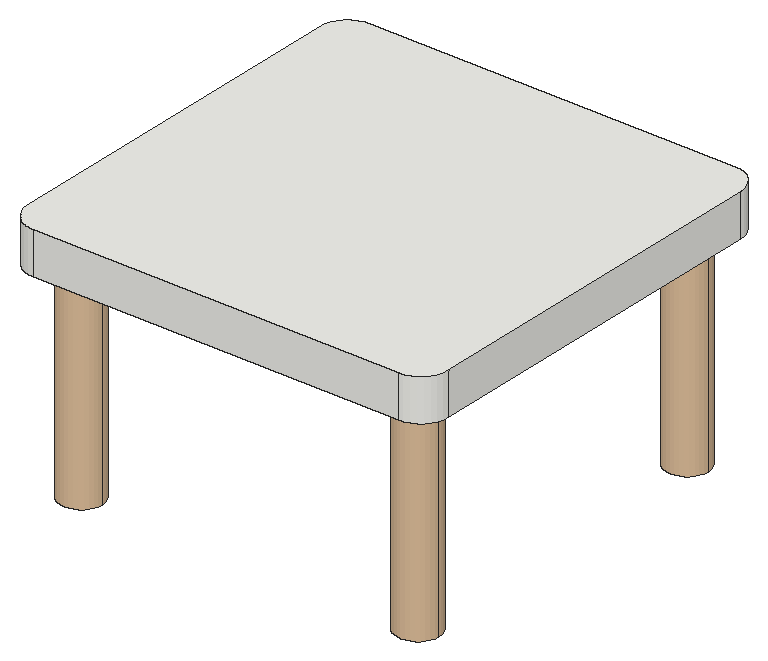
Revit family "Стульчик", category Furniture, Revit 2022
Family settings
  OmniClass Number = 23.40.20.14.17
  OmniClass Title = Residential Tables and Cabinets
  Work Plane-Based = No
  Always vertical = Yes
  Cut with Voids When Loaded = No
  Render Appearance Source = Family Geometry
  Shared = Yes
  Room Calculation Point = No
Parameters (values of type "0762 x 0762mm")
  Default Elevation = 0.00 mm
  Base Material = Wood - Birch
  Height = 457.00 mm
  Length = 762.00 mm
  Top Material = Laminate - Ivory, Matte
  Width = 762.00 mm
Types (4, lengths in mm): name | Height | Length | Width
  (no name) | 457.00 | 762.00 | 762.00
  0610 x 0160mm | 762.00 | 610.00 | 610.00
  0762 x 0762mm | 457.00 | 762.00 | 762.00
  0610 x 0915mm | 762.00 | 610.00 | 915.00
Reference planes
  plane 1: y = 152.4
  plane 2: z = 0
  plane 3 "Left": x = 3.734
  plane 4 "Right": x = 765.734
  plane 5 "Back": y = 533.4
  plane 6 "Front": y = -228.6
  plane 7: x = 384.734
Forms (mm)
  Extrusion 1, solid, material "Laminate - Ivory, Matte" <- "Top Material"
    sketch origin (0, 0, 0) x (1, 0, 0) y (0, 1, 0)
      loop
        line (54.534, -228.6) -> (714.934, -228.6)
        arc (714.934, -228.6) -> (750.855, -213.721) -> (765.734, -177.8) r 50.8
        line (765.734, -177.8) -> (765.734, 482.6)
        arc (765.734, 482.6) -> (750.855, 518.521) -> (714.934, 533.4) r 50.8
        line (714.934, 533.4) -> (54.534, 533.4)
        arc (54.534, 533.4) -> (18.613, 518.521) -> (3.734, 482.6) r 50.8
        line (3.734, 482.6) -> (3.734, -177.8)
        arc (3.734, -177.8) -> (18.613, -213.721) -> (54.534, -228.6) r 50.8
    from 380.8 to 457
  Extrusion 2, solid, material "Wood - Birch" <- "Base Material"
    sketch origin (0, 0, 0) x (1, 0, 0) y (0, 1, 0)
      loop
        circle (79.934, 457.2) r 38.1
      loop
        circle (79.934, -152.4) r 38.1
      loop
        circle (689.534, -152.4) r 38.1
      loop
        circle (689.534, 457.2) r 38.1
    from 0 to 380.8
Lines and regions (mm)
  Masking region 1
    outline origin (0, 0, 0) x (1, 0, 0) y (0, 1, 0)
      loop
        arc (54.534, 533.4) -> (18.613, 518.521) -> (3.734, 482.6) r 50.8
        line (3.734, 482.6) -> (3.734, -177.8)
        arc (3.734, -177.8) -> (18.613, -213.721) -> (54.534, -228.6) r 50.8
        line (54.534, -228.6) -> (714.934, -228.6)
        arc (714.934, -228.6) -> (750.855, -213.721) -> (765.734, -177.8) r 50.8
        line (765.734, -177.8) -> (765.734, 482.6)
        arc (765.734, 482.6) -> (750.855, 518.521) -> (714.934, 533.4) r 50.8
        line (714.934, 533.4) -> (54.534, 533.4)
Dimensions and locks
  locked: Extrusion 1 to Extrusion 1 at 76.2
  "Height": Extrusion 1 to plane 2
  locked: Extrusion 1 to Extrusion 2 sketch curve at 76.2  (x8)
  "Width": plane 5 "Back" to plane 6 "Front"
  "Length": plane 3 "Left" to plane 4 "Right"
  equal spacing: plane 5 "Back", plane 1, plane 6 "Front"
  equal spacing: plane 3 "Left", plane 7, plane 4 "Right"
  radius of Extrusion 1 sketch curve = 50.80 mm  (x4)
  aligned and locked: plane 2 to level
  aligned and locked: plane 6 "Front" to Extrusion 1 sketch curve
  aligned and locked: Extrusion 2 to Extrusion 1
  aligned and locked: Masking region 1 sketch curve to plane 5 "Back"
  aligned and locked: plane 3 "Left" to Masking region 1 sketch curve
  aligned and locked: plane 4 "Right" to Masking region 1 sketch curve
  aligned and locked: Masking region 1 sketch curve to plane 6 "Front"
  aligned: Masking region 1 sketch curve to Extrusion 1
Automatic sketch dimensions
  Extrusion 2 sketch curve to Extrusion 2 sketch curve = 38.10 mm  (x4)
  Extrusion 1 sketch curve to plane 3 "Left" = 0.00 mm
  Extrusion 1 sketch curve to plane 4 "Right" = 0.00 mm
  Extrusion 1 sketch curve to plane 5 "Back" = 0.00 mm
  plane 3 "Left" to Masking region 1 sketch curve = 50.80 mm  (x2)
  plane 4 "Right" to Masking region 1 sketch curve = 50.80 mm  (x2)
